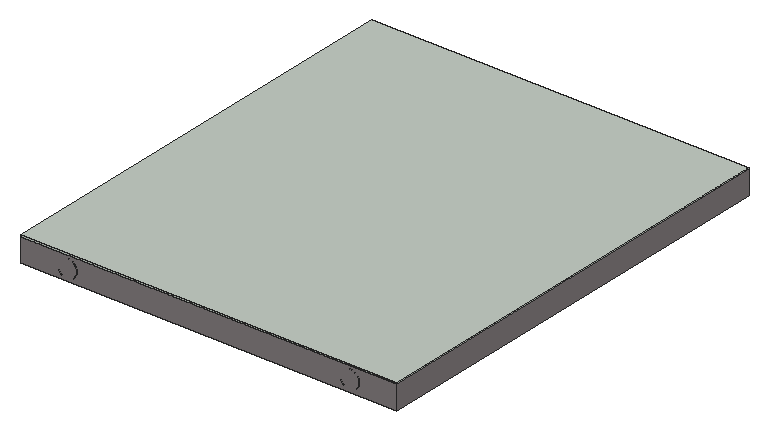
Revit family "Mirror-60cm-IlluminatedMirror-Vitra-İntegraSeries-61301+61302+61303+61304", category Furniture Systems, host Face, Revit 2017
Family settings
  Host = Face
  Round Connector Dimension = Use Diameter
  Part Type = Normal
  OmniClass Number = 23.40.00.00
  OmniClass Title = Equipment and Furnishings
  Cut with Voids When Loaded = No
  Shared = Yes
  Room Calculation Point = No
Parameters (values of type "Mirror-60cm-IlluminatedMirror-Vitra-İntegraSeries-61301")
  Youtube = "https://www.youtube.com/user/VitrAglobal"
  Width(mm) = 600 mm
  Weight Net (kg) = "7"
  Warranty Period (Year) = "2"
  Voltage = "220V"
  Uniformat II Description = "Furnishings"
  Uniformat II Code = "E2010"
  Uniclass 2015 Name = "Bathroom mirrors"
  Uniclass 2015 Code = "Pr_25_71_53_06"
  Uniclass 2.0 Description = "Bathroom Mirrors"
  Uniclass 1.4 Description = "Mirrors"
  Uniclass 2.0 Code = "PR-45-55-06"
  Uniclass 1.4 Code = "L8732"
  URL = "https://vitraglobal.com/"
  UNSPSC Description = "Furniture and Furnishings"
  UNSPSC Code = "56"
  Technical description = "http://cdn.vitra.com.tr/501-61301-2A.jpg"
  Tap hole Options (default) = ""
  Specification = ""
  Region South America = "All"
  Region Oceania = "All"
  Region North America = "All"
  Region Middle East = "All"
  Region Europe = "All"
  Region Asia = "All"
  Region Antarctica = "All"
  Region Africa = "All"
  Product group = "Bathroom Furniture"
  Product family = "İntegra"
  Product data url = "https://www.vitra-bad.fr/fr/produits-sanitaires/page-de-detail/product/integra-miroir-avec-eclairage-haut-et-bas-60-cm-1.html"
  Product certification = "https://www.vitraglobal.com/brochures/"
  Product SKU = "61301"
  Product Guid = ""
  Primary Material = Mirror
  OmniClass Description = "Mirrors"
  OmniClass Code = "23-21 37 13 15"
  Nominal width = "0.000"
  Nominal height = "0.000"
  NBS Referans Description = "Bathroom Mirrors"
  NBS Referans Code = "45-55-06"
  Model = "61301"
  Masterformat 2014 Description = "Furniture"
  Masterformat 2014 Code = "12 50 00"
  Manufacturer name = "Vitra"
  Manufacturer = "Vitra"
  Lighting Type = "Ambiance Led Lighting"
  Installation instructions = ""
  IFC Classification = "Furnishing Element"
  Help = ""
  Height(mm) = 700 mm
  Design country = "Turkey"
  Description = "İntegra Illuminated Mirror"
  Depth(mm) = 40 mm
  Default Elevation = 0 mm
  Construction Type = "Wall Mounted"
  Color = ""
  COBIe Type Category = ""
  BIMobject category = "Sanitary - Mirrors"
  Article No. (default) = "61301"
  Accessories (default) = ""
Types (5, lengths in mm): name | Width(mm) | Weight Net (kg) | Technical description | Product data url | Product SKU | Model | Article No. (default)
  (no name) | 600 | "7" | "http://cdn.vitra.com.tr/501-61301-2A.jpg" | "https://www.vitra-bad.fr/fr/produits-sanitaires/page-de-detail/product/integra-miroir-avec-eclairage-haut-et-bas-60-cm-1.html" | "61301" | "61301" | "61301"
  Mirror-60cm-IlluminatedMirror-Vitra-İntegraSeries-61301 | 600 | "7" | "http://cdn.vitra.com.tr/501-61301-2A.jpg" | "https://www.vitra-bad.fr/fr/produits-sanitaires/page-de-detail/product/integra-miroir-avec-eclairage-haut-et-bas-60-cm-1.html" | "61301" | "61301" | "61301"
  Mirror-80cm-IlluminatedMirror-Vitra-İntegraSeries-61302 | 800 | "10" | "http://cdn.vitra.com.tr/501-61301-2A.jpg" | "https://www.vitra-bad.fr/fr/produits-sanitaires/page-de-detail/product/integra-miroir-avec-eclairage-haut-et-bas-60-cm-1.html" | "61302" | "61302" | "61302"
  Mirror-100cm-IlluminatedMirror-Vitra-İntegraSeries-61303 | 1000 | "13" | "http://cdn.vitra.com.tr/501-61303-2A.jpg" | "https://www.vitra-bad.fr/fr/produits-sanitaires/page-de-detail/product/integra-miroir-avec-eclairage-haut-et-bas-100-cm-1.html" | "61303" | "61303" | "61303"
  Mirror-120cm-IlluminatedMirror-Vitra-İntegraSeries-61304 | 1200 | "15" | "http://cdn.vitra.com.tr/501-61304-2A.jpg" | "https://www.vitra-bad.fr/fr/produits-sanitaires/page-de-detail/product/integra-miroir-avec-eclairage-haut-et-bas-120-cm-1.html" | "61304" | "61304" | "61304"
Reference planes
  plane 1 "Center (Front/Back)": y = 147.147
  plane 2: z = -0.016
  plane 3 "Center (Left/Right)": x = -50.25
  plane 4: z = 39.984
  plane 5: x = -350.25
  plane 6: x = 249.75
  plane 7: y = 497.147
  plane 8: y = -202.853
Forms (mm)
  Extrusion 1, solid, material "Mirror" <- "Primary Material"
    sketch origin (-50.5, -402.853, 39.997) x (0, -1, 0) y (1, 0, 0)
      loop
        line (-900, 300.25) -> (-900, -299.75) -> (-200, -299.75) -> (-200, 300.25) -> (-900, 300.25)
    from -0.014 to -2
  Extrusion 2, solid
    sketch origin (-472.429, 243.75, 0) x (1, 0, 0) y (0, 1, 0)
      loop
        line (402.18, -283.956) -> (402.18, -321.331) -> (442.18, -321.331) -> (442.18, -283.956) -> (402.18, -283.956)
    from 0 to 2
  Extrusion 3, solid, material "Matte Antrasit"
    sketch origin (-50.5, -402.853, 37.997) x (0, -1, 0) y (1, 0, 0)
      loop
        line (-900, 300.25) -> (-900, -299.75) -> (-200, -299.75) -> (-200, 300.25) -> (-900, 300.25)
    from 0 to -38
  Extrusion 4, solid
    sketch origin (-350.25, -202.853, 37.997) x (1, 0, 0) y (0, 0, 1)
      loop
        circle (75, -19) r 15
    from 0 to -10
  Extrusion 5, solid
    sketch origin (249.75, -202.853, 37.997) x (-1, 0, 0) y (0, 0, -1)
      loop
        circle (75, 19) r 15
    from 0 to -10
  Extrusion 6, solid
    sketch origin (-350.25, 497.147, 37.997) x (1, 0, 0) y (0, 0, -1)
      loop
        circle (75, 19) r 15
    from 0 to -10
  Extrusion 7, solid
    sketch origin (249.75, 497.147, 37.997) x (-1, 0, 0) y (0, 0, 1)
      loop
        circle (75, -19) r 15
    from 0 to -10
Dimensions and locks
  "Depth(mm)": plane 4 to host face
  "Width(mm)": plane 5 to plane 6
  "Height(mm)": plane 7 to plane 8
  equal spacing: plane 5, plane 3 "Center (Left/Right)", plane 6
  equal spacing: plane 7, plane 1 "Center (Front/Back)", plane 8
  equal spacing: Extrusion 2, plane 3 "Center (Left/Right)", Extrusion 2
  locked: Extrusion 1 to Extrusion 2 at 125.272
  locked: plane 5 to Extrusion 4 sketch curve at 75
  locked: Extrusion 7 sketch curve to plane 6 at 75
  locked: plane 5 to Extrusion 6 sketch curve at 75
  locked: Extrusion 5 sketch curve to plane 6 at 75
  aligned and locked: plane 2 to host face
  aligned and locked: level to host face
  aligned and locked: plane 5 to Extrusion 1
  aligned and locked: plane 6 to Extrusion 1
  aligned and locked: plane 7 to Extrusion 1
  aligned and locked: plane 8 to Extrusion 1
Automatic sketch dimensions
  host sketch curve to host sketch curve = 2361.448 mm
  host sketch curve to host sketch curve = 2438.4 mm
  Extrusion 1 sketch curve to plane 5 = 0 mm
  Extrusion 1 sketch curve to plane 7 = 0 mm
  Extrusion 1 sketch curve to plane 6 = 0 mm
  Extrusion 1 sketch curve to plane 8 = 0 mm
  Extrusion 2 sketch curve to plane 3 "Center (Left/Right)" = 20 mm
  plane 3 "Center (Left/Right)" to Extrusion 2 sketch curve = 20 mm
  plane 8 to Extrusion 2 sketch curve = 125.272 mm
  Extrusion 2 sketch curve to Extrusion 2 sketch curve = 37.375 mm
  Extrusion 3 sketch curve to plane 5 = 0 mm
  Extrusion 3 sketch curve to plane 7 = 0 mm
  Extrusion 3 sketch curve to plane 6 = 0 mm
  Extrusion 3 sketch curve to plane 8 = 0 mm
  Extrusion 3 to Extrusion 4 sketch curve = 19 mm
  Extrusion 3 to Extrusion 5 sketch curve = 19 mm
  level to Extrusion 6 sketch curve = 18.997 mm
  level to Extrusion 7 sketch curve = 18.997 mm
  radius of Extrusion 4 sketch curve = 15 mm
  radius of Extrusion 5 sketch curve = 15 mm
  radius of Extrusion 6 sketch curve = 15 mm
  radius of Extrusion 7 sketch curve = 15 mm
Connectors
  electrical at (-50.25, -58.894, 0)
    settings: on Extrusion 2, index 2, voltage 220 V, apparent load 0 VA, apparent load phase1 0 VA, apparent load phase2 0 VA, apparent load phase3 0 VA, power factor 1, load classification "Other", number of poles 1, system type 31, power factor state 1, is connector primary yes, connector utility no, sub classification motor no, connector description "Ambiance Led Lighting"
